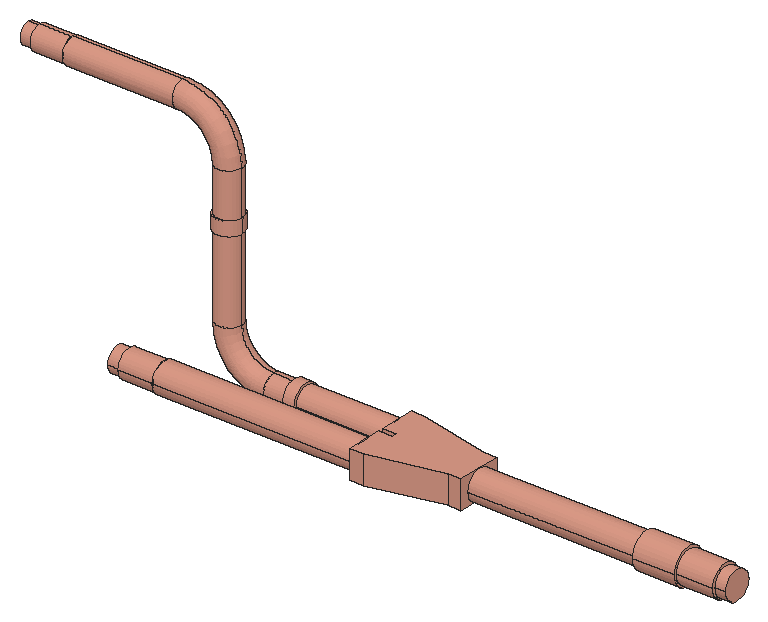
Revit family "outputfile", category 配管付属品, Revit 2024
Family settings
  丸型コネクタ寸法 = 半径を使用
  パーツ タイプ = 標準
  OmniClass 番号 = 23.65.55.00
  OmniClass タイトル = Distribution of Supplied Liquids/Gases
  作業面ベース = いいえ
  常に垂直 = はい
  ロード時にボイドで切り取り = いいえ
  共有 = いいえ
Parameters (values of type "BHFP26MA84_(1)")
  Description = ""
  製造元 = "Daikin"
  書き出し IFC クラス(タイプ) = "IfcPipeFittingType"
  Default Elevation = 0.0 mm
  定義済み IFC タイプ(タイプ) = "JUNCTION"
  Cost = 0
  モデル = "BHFP26MA84_(1)"
  Type Comments = ""
  Keynote = ""
  Type Image = (empty or 0)
  Assembly Code = ""
  table_PipeToCU_B [instance] = if(mm⇔inch, "Multi Module Kit_BHFP26MA-_HPLPGas_PipeToCU_B", "Multi Module Kit_BHFP26MA-_HPLPGas_PipeToCU_B_inch")  # "Multi Module Kit_BHFP26MA-_HPLPGas_PipeToCU_B"
  table_PipeToCU_A [instance] = if(mm⇔inch, "Multi Module Kit_BHFP26MA-_HPLPGas_PipeToCU_A", "Multi Module Kit_BHFP26MA-_HPLPGas_PipeToCU_A_inch")  # "Multi Module Kit_BHFP26MA-_HPLPGas_PipeToCU_A"
  table_ToMainPipe [instance] = if(mm⇔inch, "Multi Module Kit_BHFP26MA-_HPLPGas_ToMainPipe", "Multi Module Kit_BHFP26MA-_HPLPGas_ToMainPipe_inch")  # "Multi Module Kit_BHFP26MA-_HPLPGas_ToMainPipe"
  switch_ToMainPipe3 [instance] = if(number_ToMainPipe < 3, 1 = 0, 1 = 1)  # yes
  switch_PipeToCU_B Reducer [instance] = if(and(Is_PipeToCU_B Reducer = 1, judge_IsOffsetPipe_ToOutdoorUnitB = 0), 1 = 1, 1 = 0)  # no
  switch_PipeToCU_B4 [instance] = if(number_PipeToCU_B < 4, 1 = 0, 1 = 1)  # no
  switch_PipeToCU_B3 [instance] = if(number_PipeToCU_B < 3, 1 = 0, 1 = 1)  # no
  switch_PipeToCU_B2 [instance] = if(number_PipeToCU_B < 2, 1 = 0, 1 = 1)  # yes
  switch_PipeToCU_A Reducer [instance] = if(Is_PipeToCU_A Reducer = 1, 1 = 1, 1 = 0)  # yes
  switch_ToMainPipe Reducer [instance] = if(Is_ToMainPipe Reducer = 1, 1 = 1, 1 = 0)  # no
  switch_ToMainPipe2 [instance] = if(number_ToMainPipe < 2, 1 = 0, 1 = 1)  # yes
  switch_Offset Reducer(4) [instance] = if(and([judge_JointType(1or2)] = 1, Is_PipeToCU_B Reducer = 1, judge_IsOffsetPipe_ToOutdoorUnitB = 1), 1 = 1, 1 = 0)  # no
  switch_Offset Reducer(3) [instance] = if(and([judge_JointType(1or2)] = 2, Is_PipeToCU_B Reducer = 1, judge_IsOffsetPipe_ToOutdoorUnitB = 1), 1 = 1, 1 = 0)  # no
  r_PipeToCU_B_ActualDiameter [instance] = [PipeToCU_B_HP/LP Gas_ActualDiameter] / 2  # 9.55 mm
  r_PipeToCU_A_ActualDiameter [instance] = [PipeToCU_A_HP/LP Gas_ActualDiameter] / 2  # 7.95 mm
  r_ToMainPipe_ActualDiameter [instance] = [ToMainPipe_HP/LP Gas_ActualDiameter] / 2  # 11.1 mm
  number_PipeToCU_B ReducerPipe [instance] = size_lookup(table_PipeToCU_B, "reducerPipeNumber", 2, モデル, judge_IsOffsetPipe_ToOutdoorUnitB, [PipeToCU_B_HP/LP Gas_ActualDiameter])  # 0
  number_PipeToCU_B [instance] = size_lookup(table_PipeToCU_B, "pipeNumber", 1, モデル, judge_IsOffsetPipe_ToOutdoorUnitB, [PipeToCU_B_HP/LP Gas_ActualDiameter])  # 2
  number_PipeToCU_A ReducerPipe [instance] = size_lookup(table_PipeToCU_A, "reducerPipeNumber", 2, モデル, [PipeToCU_A_HP/LP Gas_ActualDiameter])  # 2
  number_ToMainPipe [instance] = size_lookup(table_ToMainPipe, "pipeNumber", 3, モデル, [ToMainPipe_HP/LP Gas_ActualDiameter])  # 3
  mm⇔inch [instance] = yes
  l_ToMainPipe3 [instance] = size_lookup(table_ToMainPipe, "L_Pipe3", 10.0 mm, モデル)  # 10.0 mm
  h_PipeToCU_B Connector [instance] = if(Is_PipeToCU_B Reducer = 1, 200.0 mm, 0.0 mm)  # 0.0 mm
  h_PipeToCU_A Connector [instance] = if(Is_PipeToCU_A Reducer = 1, 200.0 mm, 0.0 mm)  # 200.0 mm
  angle_PipeToCU_B Reducer [instance] = 90.00°  # constant formula
  Unit Type = "BHFP26MA-_HPLPGas"
  Uniclass2015Version = "Products v1.31"
  Uniclass2015Title = "Copper pipe fittings"
  Uniclass2015Code = "Pr_65_52_63_18"
  URL = ""
  ToMainPipe_HP/LP Gas_Status [instance] = size_lookup(table_ToMainPipe, "Information", "The connected pipe size is not available.", モデル, [ToMainPipe_HP/LP Gas_ActualDiameter])  # "Default connector size is used."
  ToMainPipe_HP/LP Gas_ActualDiameter [instance] = 22.2 mm
  Tag No. [instance] = ""
  Series = "Multi Module kit"
  PipeToCU_B_HP/LP Gas_Status [instance] = size_lookup(table_PipeToCU_B, "Information", "The connected pipe size is not available.", モデル, judge_IsOffsetPipe_ToOutdoorUnitB, [PipeToCU_B_HP/LP Gas_ActualDiameter])  # "Default connector size is used."
  PipeToCU_B_HP/LP Gas_ActualDiameter [instance] = 19.1 mm
  PipeToCU_A_HP/LP Gas_Status [instance] = size_lookup(table_PipeToCU_A, "Information", "The connected pipe size is not available.", モデル, [PipeToCU_A_HP/LP Gas_ActualDiameter])  # "Reducer is used at connector."
  PipeToCU_A_HP/LP Gas_ActualDiameter [instance] = 15.9 mm
  Material_Piping = DAIKIN_Copper_Pipe
  Material_Insulation = DAIKIN_White_Insulation
  location_PipeToCU_B connector [instance] = size_lookup(table_PipeToCU_B, "Locationconnector", 0.0 mm, モデル, judge_IsOffsetPipe_ToOutdoorUnitB, [PipeToCU_B_HP/LP Gas_ActualDiameter])  # 0.0 mm
  location_PipeToCU_A connector [instance] = size_lookup(table_PipeToCU_A, "Locationconnector", 0.0 mm, モデル, [PipeToCU_A_HP/LP Gas_ActualDiameter])  # 0.0 mm
  l_PipeToCU_B connector [instance] = size_lookup(table_PipeToCU_B, "Length", 433.0 mm, モデル, judge_IsOffsetPipe_ToOutdoorUnitB, [PipeToCU_B_HP/LP Gas_ActualDiameter])  # 213.0 mm
  l_PipeToCU_B Reducer [instance] = 100.0 mm  # constant formula
  l_PipeToCU_B4 [instance] = size_lookup(table_PipeToCU_B, "L_Pipe4", 2.0 mm, モデル)  # 2.0 mm
  l_PipeToCU_B3 [instance] = size_lookup(table_PipeToCU_B, "L_Pipe3", 2.0 mm, モデル)  # 2.0 mm
  l_PipeToCU_B2 [instance] = size_lookup(table_PipeToCU_B, "L_Pipe2", 10.0 mm, モデル)  # 10.0 mm
  l_PipeToCU_B1 [instance] = size_lookup(table_PipeToCU_B, "L_Pipe1", 30.0 mm, モデル)  # 30.0 mm
  l_PipeToCU_B0 [instance] = size_lookup(table_PipeToCU_B, "L_Pipe0", 173.0 mm, モデル)  # 173.0 mm
  l_PipeToCU_A connector [instance] = size_lookup(table_PipeToCU_A, "Length", 318.0 mm, モデル, [PipeToCU_A_HP/LP Gas_ActualDiameter])  # 318.0 mm
  l_PipeToCU_A1 [instance] = size_lookup(table_PipeToCU_A, "L_Pipe1", 10.0 mm, モデル)  # 10.0 mm
  l_PipeToCU_A0 [instance] = size_lookup(table_PipeToCU_A, "L_Pipe0", 78.0 mm, モデル)  # 78.0 mm
  l_ToMainPipe connector [instance] = size_lookup(table_ToMainPipe, "Length", 223.0 mm, モデル, [ToMainPipe_HP/LP Gas_ActualDiameter])  # 223.0 mm
  l_ToMainPipe Reducer [instance] = size_lookup(table_ToMainPipe, "L_Reducer", 2.0 mm, モデル, [ToMainPipe_HP/LP Gas_ActualDiameter])  # 2.0 mm
  l_ToMainPipe2 [instance] = size_lookup(table_ToMainPipe, "L_Pipe2", 32.0 mm, モデル)  # 32.0 mm
  l_ToMainPipe1 [instance] = size_lookup(table_ToMainPipe, "L_Pipe1", 36.0 mm, モデル)  # 36.0 mm
  l_ToMainPipe0 [instance] = size_lookup(table_ToMainPipe, "L_Pipe0", 145.0 mm, モデル)  # 145.0 mm
  judge_IsOffsetPipe_ToOutdoorUnitB [instance] = 0  # constant formula
  judge_JointType(1or2) = 1
  count_PipeToCU_B Reducer [instance] = size_lookup(table_PipeToCU_B, "reducerCount", 1, モデル, judge_IsOffsetPipe_ToOutdoorUnitB, [PipeToCU_B_HP/LP Gas_ActualDiameter])  # 0
  count_PipeToCU_A Reducer [instance] = size_lookup(table_PipeToCU_A, "reducerCount", 1, モデル, [PipeToCU_A_HP/LP Gas_ActualDiameter])  # 1
  angle_PipeToCU_A Reducer [instance] = 90.00°  # constant formula
  angle_PipeToCU_A Connector [instance] = 90.00°  # constant formula
  PipeToCU_B_HP/LP Gas_AvailableDiameter [instance] = size_lookup(table_PipeToCU_B, "sizeVariation", "", モデル, judge_IsOffsetPipe_ToOutdoorUnitB)  # "19.1/22.2mm"
  PipeToCU_A_HP/LP Gas_AvailableDiameter [instance] = size_lookup(table_PipeToCU_A, "sizeVariation", "", モデル)  # "15.9/19.1mm"
  ToMainPipe_HP/LP Gas_AvailableDiameter [instance] = size_lookup(table_ToMainPipe, "sizeVariation", "", モデル)  # "22.2/25.4/28.6mm"
  O.D_ToMainPipe Reducer [instance] = size_lookup(table_ToMainPipe, "O.D_reducer", 2.0 mm, モデル, [ToMainPipe_HP/LP Gas_ActualDiameter])  # 2.0 mm
  Link_Nested Family [instance] = ""
  Is_PipeToCU_B Reducer [instance] = size_lookup(table_PipeToCU_B, "IsReducer", 1, モデル, judge_IsOffsetPipe_ToOutdoorUnitB, [PipeToCU_B_HP/LP Gas_ActualDiameter])  # 0
  Is_PipeToCU_A Reducer [instance] = size_lookup(table_PipeToCU_A, "IsReducer", 1, モデル, [PipeToCU_A_HP/LP Gas_ActualDiameter])  # 1
  Is_ToMainPipe Reducer [instance] = size_lookup(table_ToMainPipe, "IsReducer", 0, モデル, [ToMainPipe_HP/LP Gas_ActualDiameter])  # 0
  IfcVersion = ""
  IfcExportType = "JUNCTION"
  IfcExportAs = "IfcPipeFittingType"
  I.D_ToMainPipe3 [instance] = size_lookup(table_ToMainPipe, "I.D_PipeSize3", 22.2 mm, モデル)  # 22.2 mm
  Attach_Insulation [instance] = no
  I.D_PipeToCU_B4 [instance] = size_lookup(table_PipeToCU_B, "I.D_PipeSize4", 2.0 mm, モデル)  # 2.0 mm
  I.D_PipeToCU_B3 [instance] = size_lookup(table_PipeToCU_B, "I.D_PipeSize3", 2.0 mm, モデル)  # 2.0 mm
  I.D_PipeToCU_B2 [instance] = size_lookup(table_PipeToCU_B, "I.D_PipeSize2", 19.1 mm, モデル)  # 19.1 mm
  I.D_PipeToCU_B1 [instance] = size_lookup(table_PipeToCU_B, "I.D_PipeSize1", 22.5 mm, モデル)  # 22.2 mm
  I.D_PipeToCU_B0 [instance] = size_lookup(table_PipeToCU_B, "I.D_PipeSize0", 23.4 mm, モデル)  # 23.4 mm
  I.D_PipeToCU_A1 [instance] = 24.5 mm  # constant formula
  I.D_PipeToCU_A0 [instance] = 22.2 mm  # constant formula
  I.D_ToMainPipe Reducer [instance] = size_lookup(table_ToMainPipe, "I.D_reducer", 2.0 mm, モデル, [ToMainPipe_HP/LP Gas_ActualDiameter])  # 2.0 mm
  I.D_ToMainPipe2 [instance] = size_lookup(table_ToMainPipe, "I.D_PipeSize2", 25.4 mm, モデル)  # 25.4 mm
  I.D_ToMainPipe1 [instance] = size_lookup(table_ToMainPipe, "I.D_PipeSize1", 28.6 mm, モデル)  # 28.6 mm
  I.D_ToMainPipe0 [instance] = size_lookup(table_ToMainPipe, "I.D_PipeSize0", 23.4 mm, モデル)  # 23.4 mm
Reference planes
  plane 1 "Center (Front/Back)": y = 0
  plane 2: z = 0
  plane 3 "MainPipe2": x = 225.65
  plane 4: x = 193.65
  plane 5: x = 157.65
  plane 6: x = 12.65
  plane 7: x = -72.35
  plane 8: x = -160.35
  plane 9: x = -245.35
  plane 10: x = -275.35
  plane 11: x = -285.35
  plane 12: x = -287.35
  plane 13: x = -289.35
  plane 14: y = 17.5
  plane 15: y = -17.491
  plane 16: x = -150.35
  plane 17: x = 62.65
  plane 18 "ToMainPipe_connector": x = 235.65
  plane 19 "connector_OutdoorunitA": x = -72.35
  plane 20 "connectorLocation_TooutdoorUnitB": y = -17.491
  plane 21 "connector_ToOutdoorUnitB": x = -285.35
  plane 22 "MainPipe3": x = 235.65
Forms (mm)
  Extrusion 1, solid, material "DAIKIN_Copper_Pipe" <- "Material_Piping"
    sketch origin (0, 0, 0) x (1, 0, 0) y (0, 1, 0)
      loop
        line (-72.35, 1.998) -> (-60.35, 1.998) -> (-60.35, -1.998) -> (-72.35, -1.998) -> (-72.35, -33.29) -> (-60.35, -33.29) -> (0.65, -19.109) -> (12.65, -19.109) -> (12.65, 18.821) -> (0.65, 18.821) -> (-60.35, 33.29) -> (-72.35, 33.29) -> (-72.35, 1.998)
    from -12.2 to 12.2
Dimensions and locks
  locked: Extrusion 1 sketch curve to Extrusion 1 sketch curve at 37.93
  locked: Extrusion 1 sketch curve to Extrusion 1 sketch curve at 66.58
  locked: plane 6 to plane 17 at 50
  "l_PipeToCU_A0": plane 16 to plane 7
  "l_PipeToCU_A1": plane 8 to plane 16
  "l_PipeToCU_B0": plane 9 to plane 7
  "l_PipeToCU_B1": plane 10 to plane 9
  "l_PipeToCU_B2": plane 11 to plane 10
  "l_PipeToCU_B3": plane 12 to plane 11
  "l_PipeToCU_B4": plane 13 to plane 12
  locked: plane 7 to plane 6 at 85
  plane 17 to plane 5 = 95.0 mm
  "l_ToMainPipe1": plane 5 to plane 4
  "l_ToMainPipe2": plane 4 to plane 3 "MainPipe2"
  "l_ToMainPipe0": plane 6 to plane 5
  "l_ToMainPipe connector": plane 6 to plane 18 "ToMainPipe_connector"
  "location_PipeToCU_A connector": plane 19 "connector_OutdoorunitA" to plane 7
  "l_PipeToCU_B connector": plane 21 "connector_ToOutdoorUnitB" to plane 7
  "location_PipeToCU_B connector": plane 20 "connectorLocation_TooutdoorUnitB" to plane 15
  plane 14 to plane 1 "Center (Front/Back)" to plane 15 = 17.5 mm locked, 17.491 mm locked
  plane 21 "connector_ToOutdoorUnitB" to plane 18 "ToMainPipe_connector" = 521.0 mm
  "l_ToMainPipe3": plane 3 "MainPipe2" to plane 22 "MainPipe3"
  aligned and locked: level to plane 2
  aligned and locked: plane 2 to nested 1
  aligned and locked: plane 1 "Center (Front/Back)" to nested 1
  aligned and locked: plane 3 "MainPipe2" to nested 1
  aligned and locked: plane 4 to nested 1
  aligned and locked: plane 4 to nested 2
  aligned and locked: plane 5 to nested 2
  aligned and locked: plane 5 to nested 3
  aligned and locked: plane 6 to nested 3
  aligned and locked: plane 6 to Extrusion 1
  aligned and locked: Extrusion 1 to plane 7  (x2)
  aligned and locked: plane 7 to nested 4
  aligned and locked: plane 8 to nested 5
  aligned and locked: plane 16 to nested 5
  aligned and locked: nested 5 to plane 14
  aligned and locked: nested 6 to plane 15
  aligned and locked: plane 7 to nested 6
  aligned and locked: plane 9 to nested 6
  aligned and locked: plane 10 to nested 7
  aligned and locked: plane 9 to nested 7
  aligned and locked: plane 11 to nested 8
  aligned and locked: plane 10 to nested 8
  aligned and locked: plane 12 to nested 9
  aligned and locked: plane 11 to nested 9
  aligned and locked: plane 13 to nested 10
  aligned and locked: plane 12 to nested 10
  aligned and locked: nested 10 to plane 15
  aligned and locked: nested 9 to plane 15
  aligned and locked: nested 8 to plane 15
  aligned and locked: nested 7 to plane 15
  aligned and locked: plane 1 "Center (Front/Back)" to nested 11
  aligned and locked: plane 17 to nested 11
  aligned and locked: plane 16 to nested 4
  aligned and locked: nested 12 to plane 14
  aligned and locked: plane 8 to nested 12
  aligned and locked: plane 1 "Center (Front/Back)" to nested 13
  aligned and locked: plane 18 "ToMainPipe_connector" to nested 13
  aligned and locked: plane 6 to nested 14
  aligned and locked: plane 1 "Center (Front/Back)" to nested 3
  aligned and locked: plane 14 to nested 15
  aligned and locked: nested 15 to plane 19 "connector_OutdoorunitA"
  aligned and locked: nested 16 to plane 20 "connectorLocation_TooutdoorUnitB"
  aligned and locked: nested 16 to plane 7
  aligned and locked: nested 16 to plane 15
  aligned and locked: plane 3 "MainPipe2" to nested 18
  aligned and locked: plane 22 "MainPipe3" to nested 18
  aligned and locked: plane 1 "Center (Front/Back)" to nested 18
  aligned and locked: plane 10 to nested 17
Automatic sketch dimensions
  Extrusion 1 sketch curve to plane 7 = 0.0 mm  (x2)
  Extrusion 1 sketch curve to plane 6 = 0.0 mm
  Extrusion 1 sketch curve to Extrusion 1 sketch curve = 12.0 mm  (x3)
  Extrusion 1 sketch curve to plane 1 "Center (Front/Back)" = 1.998 mm
  plane 14 to Extrusion 1 sketch curve = 1.321 mm
  Extrusion 1 sketch curve to plane 6 = 12.0 mm  (x2)
  Extrusion 1 sketch curve to plane 15 = 15.799 mm
  plane 1 "Center (Front/Back)" to Extrusion 1 sketch curve = 1.998 mm
Nested families
  nested 1: "daikin_Pipe" at (209.65, 0, 0), I.D_Pipe <- "I.D_ToMainPipe2", display <- "switch_ToMainPipe2", type "*"
    with length_Pipe 32.0 mm, display yes, O.D_Pipe 27.4 mm, I.D_Pipe 25.4 mm
  nested 2: "daikin_Pipe" at (175.65, 0, 0), I.D_Pipe <- "I.D_ToMainPipe1", type "*"
    with length_Pipe 36.0 mm, display yes, O.D_Pipe 30.6 mm, I.D_Pipe 28.6 mm
  nested 3: "daikin_Pipe" at (85.15, 0, 0), I.D_Pipe <- "I.D_ToMainPipe0", type "*"
    with length_Pipe 145.0 mm, display yes, O.D_Pipe 25.4 mm, I.D_Pipe 23.4 mm
  nested 4: "daikin_Pipe" at (-111.35, 17.644, 0), I.D_Pipe <- "I.D_PipeToCU_A0", type "*"
    with length_Pipe 78.0 mm, display yes, O.D_Pipe 24.2 mm, I.D_Pipe 22.2 mm
  nested 5: "daikin_Pipe" at (-155.35, 17.5, 0), I.D_Pipe <- "I.D_PipeToCU_A1", type "*"
    with length_Pipe 10.0 mm, display yes, O.D_Pipe 26.5 mm, I.D_Pipe 24.5 mm
  nested 6: "daikin_Pipe" at (-158.85, -17.491, 0), I.D_Pipe <- "I.D_PipeToCU_B0", type "*"
    with length_Pipe 173.0 mm, display yes, O.D_Pipe 25.4 mm, I.D_Pipe 23.4 mm
  nested 7: "daikin_Pipe" at (-260.35, -17.491, 0), I.D_Pipe <- "I.D_PipeToCU_B1", type "*"
    with length_Pipe 30.0 mm, display yes, O.D_Pipe 24.2 mm, I.D_Pipe 22.2 mm
  nested 8: "daikin_Pipe" at (-280.35, -17.491, 0), I.D_Pipe <- "I.D_PipeToCU_B2", display <- "switch_PipeToCU_B2", type "*"
    with length_Pipe 10.0 mm, display yes, O.D_Pipe 21.1 mm, I.D_Pipe 19.1 mm
  nested 9: "daikin_Pipe" at (-286.35, -17.491, 0), display <- "switch_PipeToCU_B3", I.D_Pipe <- "I.D_PipeToCU_B3", visible <- "switch_PipeToCU_B3", type "*"
    with length_Pipe 2.0 mm, display no, O.D_Pipe 4.0 mm, I.D_Pipe 2.0 mm
  nested 10: "daikin_Pipe" at (-288.35, -17.491, 0), display <- "switch_PipeToCU_B4", I.D_Pipe <- "I.D_PipeToCU_B4", visible <- "switch_PipeToCU_B4", type "*"
    with length_Pipe 2.0 mm, display no, O.D_Pipe 4.0 mm, I.D_Pipe 2.0 mm
  nested 11: "daikin_MultiModeluKit_Insulation" at (62.65, 0, 0), display <- "Attach_Insulation", type "*"
    with h 54.2 mm, display no, I.D_Outlet PipeSize 22.2 mm
  nested 12: "daikin_Multi Module kit_Reducer90_rotate" at (-160.35, 17.5, 0), number_reducerPipe <- "number_PipeToCU_A ReducerPipe", angle_Pipe <- "angle_PipeToCU_A Reducer", visible <- "switch_PipeToCU_A Reducer", type "PipeToCU_A"
    with number_reducerPipe 2, angle_Pipe 90.00°, I.D_connector 19.1 mm
  nested 13: "daikin_Pipe_reducer" at (234.65, 0, 0), I.D_Pipe1 <- "I.D_ToMainPipe Reducer", O.D_Pipe2 <- "O.D_ToMainPipe Reducer", length_Pipe <- "l_ToMainPipe Reducer", display <- "switch_ToMainPipe Reducer", type "*"
    with length_Pipe 2.0 mm, display no, O.D_Pipe2 2.0 mm, O.D_Pipe1 4.0 mm, I.D_Pipe2 0.0 mm, I.D_Pipe1 2.0 mm
  nested 14: "daikin_connector_rotate3" at (12.65, 0, 0) x (0, 1, 0) z (0, 0, 1), length <- "l_ToMainPipe connector", type "daikin_connector_rotate3"
    with radius 10.0 mm, length 223.0 mm, angle_vertical 90.00°, angle_horizontal 0.00°
  nested 15: "daikin_connector_rotate3" at (-72.35, 17.5, 200) x (-1, 0, 0) z (0, 0, 1), length <- "l_PipeToCU_A connector", angle_vertical <- "angle_PipeToCU_A Connector", built-in parameter 1001364 <- "h_PipeToCU_A Connector", type "daikin_connector_rotate3"
    with radius 10.0 mm, length 318.0 mm, angle_vertical 90.00°, angle_horizontal 90.00°
  nested 16: "daikin_connector_rotate3" at (-72.35, -17.491, 0) x (0, -1, 0) z (0, 0, 1), length <- "l_PipeToCU_B connector", built-in parameter 1001364 <- "h_PipeToCU_B Connector", type "daikin_connector_rotate3"
    with radius 10.0 mm, length 213.0 mm, angle_vertical 90.00°, angle_horizontal 0.00°
  nested 17: "daikin_Multi Module kit_Reducer90_rotate" at (-275.35, -17.491, 0), number_reducerPipe <- "number_PipeToCU_B ReducerPipe", angle_Pipe <- "angle_PipeToCU_B Reducer", visible <- "switch_PipeToCU_B Reducer", type "PipeToCU_B"
    with number_reducerPipe 0, angle_Pipe 90.00°, I.D_connector 34.9 mm, l_Pipe0 57.0 mm
  nested 18: "daikin_Pipe" at (230.65, 0, 0), I.D_Pipe <- "I.D_ToMainPipe3", display <- "switch_ToMainPipe3", type "*"
    with length_Pipe 10.0 mm, display yes, O.D_Pipe 24.2 mm, I.D_Pipe 22.2 mm
Connectors
  piping at (235.65, 0, 0), diameter 22.2, driven by "r_ToMainPipe_ActualDiameter"
    settings: on nested 14, index 1, connector inside diameter 609.6 mm, connector length 0.0 mm, flow factor 0, pipe flow 0.00 m³/h, pressure drop 0.0 Pa, fitting loss kfactor 0, connector angle 0.00°, fixture units 0, engagement length 0.0 mm, angle of deflection 0.00°, flow configuration 0, flow direction 0, fitting loss method 0, system type 29, joint type 0, gender type 0, connector reference index -1, connector utility 0, adjustable connector no, is connector primary yes, connector description "Multi Module kit_to Main Pipe_HP/LP Gas"
  piping at (-390.35, 17.5, 200), diameter 15.9, driven by "r_PipeToCU_A_ActualDiameter"
    settings: on nested 15, index 2, connector inside diameter 609.6 mm, connector length 0.0 mm, flow factor 0, pipe flow 0.00 m³/h, pressure drop 0.0 Pa, fitting loss kfactor 0, connector angle 0.00°, fixture units 0, engagement length 0.0 mm, angle of deflection 0.00°, flow configuration 0, flow direction 0, fitting loss method 0, system type 29, joint type 0, gender type 0, connector reference index -1, connector utility 0, adjustable connector no, is connector primary no, connector description "Multi Module kit_Piping to CU-A_HP/LP Gas"
  piping at (-285.35, -17.491, 0), diameter 19.1, driven by "r_PipeToCU_B_ActualDiameter"
    settings: on nested 16, index 3, connector inside diameter 609.6 mm, connector length 0.0 mm, flow factor 0, pipe flow 0.00 m³/h, pressure drop 0.0 Pa, fitting loss kfactor 0, connector angle 0.00°, fixture units 0, engagement length 0.0 mm, angle of deflection 0.00°, flow configuration 0, flow direction 0, fitting loss method 0, system type 29, joint type 0, gender type 0, connector reference index -1, connector utility 0, adjustable connector no, is connector primary no, connector description "Multi Module kit_Piping to CU-B_HP/LP Gas"
Definition of nested family "daikin_Pipe"
  Parameters (values of type "*")
    Default Elevation = 0.0 mm
    material = none
    length_Pipe [instance] = 150.0 mm
    display [instance] = yes
    O.D_Pipe [instance] = I.D_Pipe + 2.0 mm  # 27.0 mm
    I.D_Pipe [instance] = 25.0 mm
  Reference planes
    plane 1 "Center (Front/Back)": y = 0
    plane 2 "center(vertical)": z = 0
    plane 3 "Center (Left/Right)": x = 0
    plane 4 "left": x = -75
    plane 5 "right": x = 75
  Forms (mm)
    Extrusion 1, solid, material <- "material", visible <- "display"
      sketch origin (0, 0, 0) x (0, 1, 0) y (0, 0, 1)
        loop
          circle (0, 0) r 13.5
      from -75 to 75
  Dimensions and locks
    equal spacing: plane 4 "left", plane 3 "Center (Left/Right)", plane 5 "right"
    "length_Pipe": plane 4 "left" to plane 5 "right"
    "O.D_Pipe": diameter of Extrusion 1 sketch curve
    aligned and locked: level to plane 2 "center(vertical)"
    aligned and locked: plane 2 "center(vertical)" to Extrusion 1 sketch curve
    aligned and locked: plane 1 "Center (Front/Back)" to Extrusion 1 sketch curve
    aligned and locked: plane 5 "right" to Extrusion 1
    aligned and locked: Extrusion 1 to plane 4 "left"
Definition of nested family "daikin_Multi Module kit_Reducer90_rotate"
  Parameters (values of type "PipeToCU_A")
    Default Elevation = 0.0 mm
    number_reducerPipe [instance] = 4
    material_Pipe = none
    l_Pipe0 = 57.0 mm
    angle_Pipe [instance] = 30.00°
    I.D_connector [instance] = 34.9 mm
  Types (2, lengths in mm): name | l_Pipe0
    PipeToCU_A | 57.0
    PipeToCU_B | 57.5
  Reference planes
    plane 1 "Center (Front/Back)": y = 0
    plane 2: z = 0
    plane 3 "Center (Left/Right)": x = 0
  Dimensions and locks
    "angle_Pipe": angle plane 2 to nested 1
    aligned and locked: level to plane 2
  Nested families
    nested 1: "daikin_Multi Module kit_Reducer90" at (0, 0, 0) x (1, 0, 0) z (0, -0.5, 0.866), I.D_connector <- "I.D_connector", ReducerPipe <- "number_reducerPipe", l_Pipe0 <- "l_Pipe0", type "*"
      with l_Pipe0 57.0 mm, display_Pipe4 no, display_Pipe3 no, ReducerPipe 4, I.D_connector 34.9 mm
  Definition of nested family "daikin_Multi Module kit_Reducer90"
    Parameters (values of type "*")
      Default Elevation = 0.0 mm
      material_Pipe = none
      l_Pipe0 [instance] = 57.0 mm
      display_Pipe4 [instance] = ReducerPipe = 2  # no
      display_Pipe3 [instance] = or(ReducerPipe = 1, ReducerPipe = 2)  # no
      ReducerPipe [instance] = 0
      O.D_Pipe4 = 15.9 mm + 2.0 mm  # 17.9 mm
      O.D_Pipe3 = 19.1 mm + 2.0 mm  # 21.1 mm
      O.D_Pipe2 = 22.2 mm  # constant formula
      O.D_Pipe1 = 22.2 mm + 2.0 mm  # 24.2 mm
      O.D_Pipe0 = 22.2 mm  # constant formula
      I.D_connector [instance] = 0.0 mm
    Reference planes
      plane 1 "Center (Front/Back)": y = 0
      plane 2 "center_vertical": z = 0
      plane 3 "Center (Left/Right)": x = 0
      plane 4 "center_toOutdoor": x = -57
      plane 5: y = 110
      plane 6: y = 122
      plane 7: y = 200
      plane 8: x = -192
      plane 9: x = -220
      plane 10: x = -230
    Forms (mm)
      Sweep 1, solid, material <- "material_Pipe"
        path origin (0, 0, 0) x (1, 0, 0) y (0, 1, 0)
          loop
            line (0, 0) -> (-18.241, 0)
            arc (-18.241, 0) -> (-45.648, 11.352) -> (-57, 38.759) r 38.759
            line (-57, 38.759) -> (-57, 110)
        profile origin (-9.12, 0, 0) x (0, -1, 0) y (0, 0, 1)
          loop
            circle (0, 0) r 11.1
      Extrusion 2, solid, material <- "material_Pipe"
        sketch origin (0, 0, 0) x (1, 0, 0) y (0, 0, 1)
          loop
            circle (-57, 0) r 12.1
        from -122 to -110
      Sweep 3, solid, material <- "material_Pipe"
        path origin (0, 0, 0) x (1, 0, 0) y (0, 1, 0)
          loop
            line (-57, 122) -> (-57, 160)
            arc (-57, 160) -> (-68.716, 188.284) -> (-97, 200) r 40
            line (-97, 200) -> (-192, 200)
        profile origin (-57, 141, 0) x (-1, 0, 0) y (0, 0, 1)
          loop
            circle (0, 0) r 11.1
      Extrusion 4, solid, material <- "material_Pipe", visible <- "display_Pipe3"
        sketch origin (0, 0, 0) x (0, 1, 0) y (0, 0, 1)
          loop
            circle (200, 0) r 10.55
        from -220 to -192
      Extrusion 5, solid, material <- "material_Pipe", visible <- "display_Pipe4"
        sketch origin (0, -10.14, 0) x (0, 1, 0) y (0, 0, 1)
          loop
            circle (210.14, 0) r 8.95
        from -230 to -220
    Lines and regions (mm)
      reference lines
        curve 1: line (0, 0, 0) -> (-57, 0, 0)
    Dimensions and locks
      locked: plane 1 "Center (Front/Back)" to plane 5 at 110
      locked: plane 6 to plane 5 at 12
      "l_Pipe0": plane 4 "center_toOutdoor" to plane 3 "Center (Left/Right)"
      plane 1 "Center (Front/Back)" to plane 7 = 200.0 mm
      locked: plane 8 to plane 4 "center_toOutdoor" at 135
      locked: plane 9 to plane 8 at 28
      locked: plane 10 to plane 9 at 10
      plane 10 to plane 3 "Center (Left/Right)" = 230.0 mm
      "O.D_Pipe0": diameter of Sweep 1 sketch curve
      "O.D_Pipe1": diameter of Extrusion 2 sketch curve
      "O.D_Pipe2": diameter of Sweep 3 sketch curve
      "O.D_Pipe3": diameter of Extrusion 4 sketch curve
      "O.D_Pipe4": diameter of Extrusion 5 sketch curve
      aligned and locked: level to plane 2 "center_vertical"
      aligned and locked: plane 6 to Extrusion 2
      aligned and locked: Extrusion 2 to plane 5
      aligned and locked: Sweep 1 sketch curve to plane 1 "Center (Front/Back)"
      aligned and locked: plane 3 "Center (Left/Right)" to curve 1
      aligned and locked: curve 1 to plane 1 "Center (Front/Back)"
      aligned and locked: plane 4 "center_toOutdoor" to Sweep 3 sketch curve
      aligned and locked: plane 2 "center_vertical" to Sweep 3 sketch curve
      aligned and locked: plane 2 "center_vertical" to Extrusion 4 sketch curve
      aligned and locked: plane 7 to Extrusion 4 sketch curve
      aligned and locked: Extrusion 4 to plane 9
      aligned and locked: plane 8 to Extrusion 4
      aligned and locked: Extrusion 5 to plane 10
      aligned and locked: plane 9 to Extrusion 5
      aligned and locked: plane 7 to Extrusion 5 sketch curve
      aligned and locked: plane 2 "center_vertical" to Extrusion 5 sketch curve
    Automatic sketch dimensions
      Sweep 1 sketch curve to plane 4 "center_toOutdoor" = 0.0 mm
      Sweep 1 sketch curve to plane 3 "Center (Left/Right)" = 0.0 mm
      Sweep 1 sketch curve to plane 5 = 0.0 mm
      Sweep 1 sketch curve to plane 3 "Center (Left/Right)" = 18.241 mm
      curve 1 to plane 4 "center_toOutdoor" = 0.0 mm
      Sweep 3 sketch curve to plane 7 = 0.0 mm
      Sweep 3 sketch curve to plane 8 = 0.0 mm
      Sweep 3 sketch curve to plane 4 "center_toOutdoor" = 0.0 mm
      Sweep 3 sketch curve to plane 6 = 0.0 mm
      Sweep 3 sketch curve to plane 4 "center_toOutdoor" = 40.0 mm
      Sweep 1 sketch curve to level = 0.0 mm
      Sweep 1 sketch curve to profile plane = 0.0 mm
      Extrusion 2 sketch curve to level = 0.0 mm
      Extrusion 2 sketch curve to plane 4 "center_toOutdoor" = 0.0 mm
Definition of nested family "daikin_MultiModeluKit_Insulation"
  Parameters (values of type "*")
    Default Elevation = 0.0 mm
    Model = ""
    material = none
    h [instance] = (I.D_Outlet PipeSize + 2.0 mm) + 30.0 mm  # 47.0 mm
    display [instance] = yes
    I.D_Outlet PipeSize [instance] = 15.0 mm
  Reference planes
    plane 1 "Center (Front/Back)": y = 0
    plane 2: z = 0
    plane 3 "Left": x = 0
    plane 4 "top": z = 23.5
    plane 5 "bottom": z = -23.5
  Forms (mm)
    Extrusion 1, solid, material <- "material", visible <- "display"
      sketch origin (0, 0, 0) x (1, 0, 0) y (0, 1, 0)
        loop
          line (0, -27.7) -> (0, 27.7) -> (-123, 45.79) -> (-206, 45.79) -> (-206, 7.021) -> (-269.393, 10) -> (-321, 10) -> (-321, -45.79) -> (-123, -45.79) -> (0, -27.7)
      from -23.5 to 23.5
  Dimensions and locks
    equal spacing: plane 4 "top", plane 2, plane 5 "bottom"
    "h": plane 4 "top" to plane 5 "bottom"
    aligned and locked: level to plane 2
    aligned and locked: plane 3 "Left" to Extrusion 1
    aligned and locked: Extrusion 1 to plane 5 "bottom"
    aligned and locked: plane 4 "top" to Extrusion 1
  Automatic sketch dimensions
    Extrusion 1 sketch curve to plane 3 "Left" = 0.0 mm
    Extrusion 1 sketch curve to plane 1 "Center (Front/Back)" = 45.79 mm
    Extrusion 1 sketch curve to plane 3 "Left" = 123.0 mm
    Extrusion 1 sketch curve to Extrusion 1 sketch curve = 83.0 mm
    Extrusion 1 sketch curve to plane 1 "Center (Front/Back)" = 10.0 mm
    Extrusion 1 sketch curve to Extrusion 1 sketch curve = 63.393 mm
    Extrusion 1 sketch curve to Extrusion 1 sketch curve = 51.607 mm
    Extrusion 1 sketch curve to plane 1 "Center (Front/Back)" = 7.021 mm
    plane 1 "Center (Front/Back)" to Extrusion 1 sketch curve = 45.79 mm
    Extrusion 1 sketch curve to plane 1 "Center (Front/Back)" = 27.7 mm
    Extrusion 1 sketch curve to Extrusion 1 sketch curve = 0.0 mm
    plane 1 "Center (Front/Back)" to Extrusion 1 sketch curve = 27.7 mm
Definition of nested family "daikin_Pipe_reducer"
  Parameters (values of type "*")
    Default Elevation = 0.0 mm
    material = none
    length_Pipe [instance] = 250.0 mm
    display [instance] = yes
    O.D_Pipe2 [instance] = 19.1 mm
    O.D_Pipe1 [instance] = I.D_Pipe1 + 2.0 mm  # 24.2 mm
    I.D_Pipe2 [instance] = O.D_Pipe2 - 2.0 mm  # 17.1 mm
    I.D_Pipe1 [instance] = 22.2 mm
  Reference planes
    plane 1 "Center (Front/Back)": y = 0
    plane 2 "center(vertical)": z = 0
    plane 3 "Center (Left/Right)": x = 0
    plane 4 "connection": x = -125
    plane 5 "right": x = 113
    plane 6: x = 125
  Forms (mm)
    Extrusion 1, solid, material <- "material", visible <- "display"
      sketch origin (0, 0, 0) x (0, 1, 0) y (0, 0, 1)
        loop
          circle (0, 0) r 9.55
      from -125 to 113
    Extrusion 2, solid, material <- "material", visible <- "display"
      sketch origin (0, 0, 0) x (0, 1, 0) y (0, 0, 1)
        loop
          circle (0, 0) r 12.1
      from 113 to 125
  Dimensions and locks
    locked: plane 5 "right" to plane 6 at 12
    "length_Pipe": plane 4 "connection" to plane 6
    equal spacing: plane 4 "connection", plane 3 "Center (Left/Right)", plane 6
    "O.D_Pipe2": diameter of Extrusion 1 sketch curve
    "O.D_Pipe1": diameter of Extrusion 2 sketch curve
    aligned and locked: level to plane 2 "center(vertical)"
    aligned and locked: plane 2 "center(vertical)" to Extrusion 1 sketch curve
    aligned and locked: plane 1 "Center (Front/Back)" to Extrusion 1 sketch curve
    aligned and locked: plane 5 "right" to Extrusion 1
    aligned and locked: Extrusion 1 to plane 4 "connection"
    aligned and locked: plane 2 "center(vertical)" to Extrusion 2 sketch curve
    aligned and locked: plane 1 "Center (Front/Back)" to Extrusion 2 sketch curve
    aligned and locked: Extrusion 2 to plane 5 "right"
    aligned and locked: plane 6 to Extrusion 2
Definition of nested family "daikin_connector_rotate3"
  Parameters (values of type "daikin_connector_rotate3")
    Default Elevation = 1219.2 mm
    show_face = no
    show_circle = no
    radius [instance] = 10.0 mm
    length [instance] = 600.0 mm
    angle_horizontal [instance] = 60.00°
    angle_vertical [instance] = 90.00°
  Reference planes
    plane 1 "Center (Front/Back)": y = 0
    plane 2: z = 0
    plane 3 "Center (Left/Right)": x = 0
  Dimensions and locks
    "angle_horizontal": angle plane 3 "Center (Left/Right)" to nested 1
    aligned and locked: level to plane 2
    aligned and locked: plane 1 "Center (Front/Back)" to nested 1  (x2)
    aligned and locked: plane 3 "Center (Left/Right)" to nested 1
  Nested families
    nested 1: "daikin_connector_rotate2" at (0, 0, 0) x (0.5, 0.866, 0) z (0, 0, 1), angle_vertical <- "angle_vertical", length <- "length", radius <- "radius", type "daikin_connector_rotate2"
      with radius 10.0 mm, length 600.0 mm, angle_vertical 90.00°, Default Elevation 0.0 mm, show_circle no
  Definition of nested family "daikin_connector_rotate2"
    Parameters (values of type "daikin_connector_rotate2")
      Default Elevation = 1219.2 mm
      show_face = no
      show_circle = yes
      radius [instance] = 10.0 mm
      length [instance] = 600.0 mm
      d_surface = 10.0 mm
      angle_vertical [instance] = 90.00°
    Reference planes
      plane 1 "Center (Front/Back)": y = 0
      plane 2: z = 0
      plane 3 "Center (Left/Right)": x = 0
    Forms (mm)
      Extrusion 1, solid, visible <- "show_face"
        sketch origin (0, -600, 0) x (1, 0, 0) y (0, 0, 1)
          loop
            circle (0, 0) r 10
        from 0 to -10
    Lines and regions (mm)
      reference lines
        curve 1: line (0, 0, 0) -> (0, -600, 0)
      symbolic lines, visible <- "show_circle"
        curve 2: circle (0, 0, 0) r 5 normal (0, 0, 1)
      model lines, visible <- "show_face"
        curve 3: line (0, 0, 0) -> (0, -600, 0)
    Dimensions and locks
      "length": curve 1 to curve 1
      "length": curve 3 to curve 3
      "d_surface": Extrusion 1 to Extrusion 1
      "radius": radius of Extrusion 1 sketch curve
      "angle_vertical": angle curve 1 to plane 1 "Center (Front/Back)"
      "angle_vertical": angle curve 3 to plane 1 "Center (Front/Back)"
      aligned and locked: level to plane 2
      aligned and locked: plane 1 "Center (Front/Back)" to curve 1
      aligned and locked: plane 2 to curve 1
      aligned and locked: plane 1 "Center (Front/Back)" to curve 2
      aligned and locked: plane 3 "Center (Left/Right)" to curve 2
      aligned and locked: plane 1 "Center (Front/Back)" to curve 3
      aligned and locked: plane 2 to curve 3
      aligned and locked: Extrusion 1 to Extrusion 1
    Automatic sketch dimensions
      Extrusion 1 sketch curve to level = 0.0 mm
      Extrusion 1 sketch curve to plane 3 "Center (Left/Right)" = 0.0 mm
      radius of curve 2 = 5.0 mm
